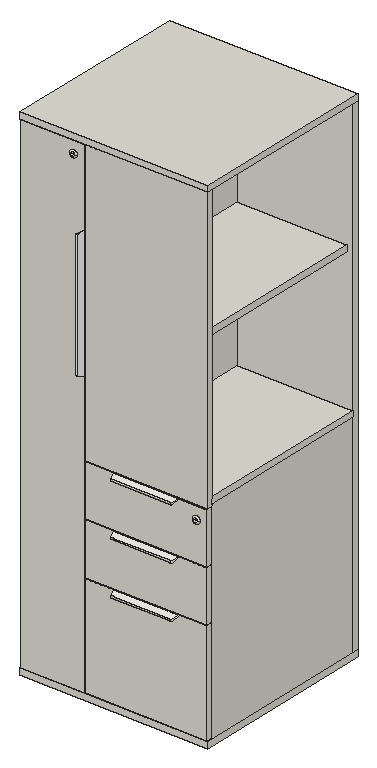
Revit family "Haworth_BeHold_PersonalStorageTower_SideBookcase_24Wide", category Furniture Systems, Revit 2018
Family settings
  Round Connector Dimension = Use Diameter
  Part Type = Normal
  OmniClass Number = 23.40.70.14.64.21
  OmniClass Title = Systems Furniture
  Work Plane-Based = No
  Always vertical = Yes
  Cut with Voids When Loaded = No
  Shared = No
  Room Calculation Point = No
Parameters (values of type "B/B/F - 24d 65h - Inset Back")
  With Lock = yes
  Wing Pull Length = if(Drawer Width < 15 1/2", 6 1/2", if(Drawer Width < 24", 8 5/16", if(Drawer Width < 36", 13 1/8", 16 3/4")))  # 8 5/16"
  Wing Pull = yes
  Warranty = "http://www.haworth.com/resources/product-info/warranties"
  Valet Door Wing Pull Length = if(Actual Height < 49", 6 1/2", if(Actual Height < 57", 8 5/16", if(Actual Height < 65", 13 1/8", 16 3/4")))  # 16 3/4"
  Valet Door Width = Actual Width - Bookcase Width - 1/8"  # 8 15/64"
  Valet Door Pull Offset = if(Actual Height < 49", Storage Height - Bottom Drawer Offset + ((Actual Height - Storage Height - Top Thickness - 1/8") / 2) - (0.05 * (Actual Height - Storage Height - Top Thickness - 1/8")), Storage Height - Bottom Drawer Offset + ((Actual Height - Storage Height - Top Thickness - 1/8") / 2))  # 44 11/16"
  Valet Door Height = Actual Height - Bottom Drawer Offset - Case Thickness - 1/8"  # 62 3/4"
  URL - Product = "https://www.haworth.com/na/en/products/active-storage/be-hold.html"
  URL = "www.haworth.com"
  Trim Finish [instance] = Haworth _ Paint _ Smooth Plaster
  Total Drawer Height = Storage Height - Bottom Case Offset - Case Thickness - 1/4"  # 26 1/2"
  Top Thickness = 3/4"  # constant formula
  Top Drawer Height = if(Box Box File, Middle Drawer Height, Bottom Drawer Height)  # 6 9/16"
  Top Case Back Control = if(Proud Style, 0", 0")  # 0"
  Sustainability Info = "https://www.haworth.com/company-info/sustainability"
  Storage Height = 28"  # constant formula
  Standard Heights = "41, 49, 57, 65 in."  # constant formula
  Size = "Verify Final Dim. w/ Haworth"  # constant formula
  Side Case Back Control = if(Proud Style, Case Thickness, 0")  # 0"
  Shelf 2 Offset = ((Actual Height - Storage Height) / 2) + Storage Height  # 46 1/2"
  Shelf 2 Control = Actual Height > 41"  # yes
  Shelf 1 Offset = 29" - Bottom Case Offset - Case Thickness  # 27 3/4"
  Revision Number = "1"  # constant formula
  Pull Finish [instance] = Haworth _ Paint _ Smooth Plaster
  Proud Style = not(Inset Style)  # no
  Model = "Haworth Be_Hold"  # constant formula
  Min. Width = 15"  # constant formula
  Min. Height = 41"  # constant formula
  Min. Depth = 18"  # constant formula
  Middle Drawer Height = (Total Drawer Height - Distance Between Drawer) / 4  # 6 9/16"
  Left Panel Finish [instance] = Haworth _ Laminate _ Beige H-34
  Left Panel Edge Finish [instance] = Haworth _ Laminate _ Beige H-34
  Height = 65"
  File File = no
  Door Finish [instance] = Haworth _ Laminate _ Beige H-34
  Bottom Drawer Offset = Bottom Case Offset + Case Thickness + 1/8"  # 1 3/8"
  Bottom Drawer Height = (Total Drawer Height - Distance Between Drawer) / 2  # 13 1/8"
  Bookcase Width = 15 41/64"  # constant formula
  Back Case Back Control = if(Proud Style, 0", 0")  # 0"
  Actual Height = if(Height > Max. Height, Max. Height, if(Height < Min. Height, Min. Height, Height))  # 65"
  3 Drawer Control = Box Box File  # yes
  Max. Width = 15"  # constant formula
  Max. Depth = 24"  # constant formula
  Max. Height = 65"  # constant formula
  Manufacturer = "Haworth"  # constant formula
  Linear Pull Length = 7 1/2"  # constant formula
  Linear Pull = no
  Inset Style = yes
  Glide Finish = Haworth _ Polymer _ Slate
  Front Finish [instance] = Haworth _ Laminate _ Beige H-34
  Front Edge Finish [instance] = Haworth _ Laminate _ Beige H-34
  Drawer Width = Bookcase Width - 1/8"  # 15 33/64"
  Distance Between Drawer = if(Box Box File, 1/4", 1/8")  # 1/4"
  Description = "Haworth - Be_Hold - Personal Storage Tower - Side Bookcase"  # constant formula
  Depth = 24"
  Custom Size = not(and(or(Depth = 18", Depth = 24"), or(Height = 41", Height = 49", Height = 57", Height = 65")))  # no
  Cresent Pull = no
  Classic Pull Length = 7 1/2"  # constant formula
  Classic Pull = no
  Case Thickness = 3/4"  # constant formula
  Case Finish [instance] = Haworth _ Laminate _ Beige H-34
  Case Edge Finish [instance] = Haworth _ Laminate _ Beige H-34
  Box Box File = not(File File)  # yes
  Bottom Case Offset = 1/2"  # constant formula
  Blade Pull Length = Drawer Width - 1/16"  # 15 29/64"
  Blade Pull = not(or(Cresent Pull, Linear Pull, Classic Pull, Wing Pull))  # no
  Back Case Side Control = if(Proud Style, 0", Case Thickness)  # 3/4"
  Author = "Haworth (Alias)"  # constant formula
  Assembly Code = "E2020200"
  Actual Width = 24"  # constant formula
  Actual Depth = if(Depth > Max. Depth, Max. Depth, if(Depth < Min. Depth, Min. Depth, Depth))  # 24"
  Standard Depths = "18, 24 in."  # constant formula
Types (8): name | Valet Door Wing Pull Length | Valet Door Pull Offset | Valet Door Height | Top Drawer Height | Side Case Back Control | Shelf 2 Offset | Shelf 2 Control | Proud Style | Middle Drawer Height | Height | File File | Bottom Drawer Height | Actual Height | 3 Drawer Control | Inset Style | Distance Between Drawer | Depth | Box Box File | Back Case Side Control | Actual Depth
  B/B/F - 24d 65h - Inset Back | 16 3/4" | 44 11/16" | 62 3/4" | 6 9/16" | 0" | 46 1/2" | yes | no | 6 9/16" | 65" | no | 13 1/8" | 65" | yes | yes | 1/4" | 24" | yes | 3/4" | 24"
  B/B/F - 24d 57h - Inset Back | 13 1/8" | 40 11/16" | 54 3/4" | 6 9/16" | 0" | 42 1/2" | yes | no | 6 9/16" | 57" | no | 13 1/8" | 57" | yes | yes | 1/4" | 24" | yes | 3/4" | 24"
  B/B/F - 18d 49h - Inset Back | 8 5/16" | 36 11/16" | 46 3/4" | 6 9/16" | 0" | 38 1/2" | yes | no | 6 9/16" | 49" | no | 13 1/8" | 49" | yes | yes | 1/4" | 18" | yes | 3/4" | 18"
  B/B/F - 18d 41h - Inset Back | 6 1/2" | 32.08125" | 38 3/4" | 6 9/16" | 0" | 34 1/2" | no | no | 6 9/16" | 41" | no | 13 1/8" | 41" | yes | yes | 1/4" | 18" | yes | 3/4" | 18"
  F/F - 24d 65h - Proud Back | 16 3/4" | 44 11/16" | 62 3/4" | 13 3/16" | 3/4" | 46 1/2" | yes | yes | 6 19/32" | 65" | yes | 13 3/16" | 65" | no | no | 1/8" | 24" | no | 0" | 24"
  F/F - 24d 57h - Proud Back | 13 1/8" | 40 11/16" | 54 3/4" | 13 3/16" | 3/4" | 42 1/2" | yes | yes | 6 19/32" | 57" | yes | 13 3/16" | 57" | no | no | 1/8" | 24" | no | 0" | 24"
  F/F - 18d 49h - Proud Back | 8 5/16" | 36 11/16" | 46 3/4" | 13 3/16" | 3/4" | 38 1/2" | yes | yes | 6 19/32" | 49" | yes | 13 3/16" | 49" | no | no | 1/8" | 18" | no | 0" | 18"
  F/F - 18d 41h - Proud Back | 6 1/2" | 32.08125" | 38 3/4" | 13 3/16" | 3/4" | 34 1/2" | no | yes | 6 19/32" | 41" | yes | 13 3/16" | 41" | no | no | 1/8" | 18" | no | 0" | 18"
Reference planes (in)
  plane 1: z = 0
  plane 2 "Bookcase Center L/R": x = -6.49587
  plane 3 "Center F/B": y = -14.5
  plane 4 "Top": z = 65
  plane 5 "Back": y = -2.5
  plane 6 "Front": y = -26.5
  plane 7 "Drawer Left": x = -14.31618
  plane 8 "Drawer Case Inside Left": x = -13.56618
  plane 9 "Case Inside Right": x = 0.57444
  plane 10 "Case Inside Back": y = -3.25
  plane 11 "Case Bottom": z = 0.5
  plane 12 "Case Inside Front": y = -25.75
  plane 13 "Inside Case Bottom": z = 1.25
  plane 14 "Inside Case Top": z = 64.25
  plane 15 "Top of Top Drawer": z = 27.875
  plane 16 "Bottom of Bottom Drawer": z = 1.375
  plane 17 "Right": x = 1.32444
  plane 18 "Top of Storage": z = 28
  plane 19 "Shelf 1 Top": z = 29
  plane 20 "Shelf 1 Bottom": z = 28.25
  plane 21 "Shelf 2 Top": z = 47.75
  plane 22 "Shelf 2 Bottom": z = 47
  plane 23 "Left": x = -22.67556
  plane 24 "Center L/R": x = -10.67556
  plane 25 "Valet Center L/R": x = -18.49587
  plane 26 "Case Inside Left": x = -21.92556
Forms (in)
  Sweep 1, solid, material "Haworth _ Polymer _ Slate" <- "Glide Finish"
    path origin (-21.92556, 0, 0) x (0, 1, 0) y (0, 0, 1)
      loop
        line (-25.75, 0.5) -> (-25.75, 0)
    profile origin (-21.92556, -25.75, 0.25) x (1, 0, 0) y (0, 1, 0)
      loop
        line (-0.64063, 2.00197) -> (-0.64063, 0.25)
        arc (-0.64063, 0.25) -> (-0.5674, 0.07322) -> (-0.39063, 0) r 0.25
        line (-0.39063, 0) -> (1.36134, 0)
        arc (1.36134, 0) -> (1.53812, 0.07322) -> (1.61134, 0.25) r 0.25
        line (1.61134, 0.25) -> (1.61134, 0.70079) -> (0.06017, 2.25197) -> (-0.39063, 2.25197)
        arc (-0.39063, 2.25197) -> (-0.5674, 2.17875) -> (-0.64063, 2.00197) r 0.25
  Sweep 2, solid, material "Haworth _ Polymer _ Slate" <- "Glide Finish"
    path origin (-21.92556, 0, 0) x (0, 1, 0) y (0, 0, 1)
      loop
        line (-3.25, 0.5) -> (-3.25, 0)
    profile origin (-21.92556, -3.25, 0.25) x (1, 0, 0) y (0, 1, 0)
      loop
        arc (-0.64063, -2.00197) -> (-0.5674, -2.17875) -> (-0.39063, -2.25197) r 0.25
        line (-0.39063, -2.25197) -> (0.06017, -2.25197) -> (1.61134, -0.70079) -> (1.61134, -0.25)
        arc (1.61134, -0.25) -> (1.53812, -0.07322) -> (1.36134, 0) r 0.25
        line (1.36134, 0) -> (-0.39063, 0)
        arc (-0.39063, 0) -> (-0.5674, -0.07322) -> (-0.64063, -0.25) r 0.25
        line (-0.64063, -0.25) -> (-0.64063, -2.00197)
  Sweep 3, solid, material "Haworth _ Polymer _ Slate" <- "Glide Finish"
    path origin (0.57444, 0, 0) x (0, -1, 0) y (0, 0, 1)
      loop
        line (25.75, 0.5) -> (25.75, 0)
    profile origin (0.57444, -25.75, 0.25) x (-1, 0, 0) y (0, -1, 0)
      loop
        arc (0, -2.00197) -> (0.07322, -2.17875) -> (0.25, -2.25197) r 0.25
        line (0.25, -2.25197) -> (0.70079, -2.25197) -> (2.25197, -0.70079) -> (2.25197, -0.25)
        arc (2.25197, -0.25) -> (2.17875, -0.07322) -> (2.00197, 0) r 0.25
        line (2.00197, 0) -> (0.25, 0)
        arc (0.25, 0) -> (0.07322, -0.07322) -> (0, -0.25) r 0.25
        line (0, -0.25) -> (0, -2.00197)
  Sweep 4, solid, material "Haworth _ Polymer _ Slate" <- "Glide Finish"
    path origin (0.57444, 0, 0) x (0, -1, 0) y (0, 0, 1)
      loop
        line (3.25, 0.5) -> (3.25, 0)
    profile origin (0.57444, -3.25, 0.25) x (-1, 0, 0) y (0, -1, 0)
      loop
        line (0, 2.00197) -> (0, 0.25)
        arc (0, 0.25) -> (0.07322, 0.07322) -> (0.25, 0) r 0.25
        line (0.25, 0) -> (2.00197, 0)
        arc (2.00197, 0) -> (2.17875, 0.07322) -> (2.25197, 0.25) r 0.25
        line (2.25197, 0.25) -> (2.25197, 0.70079) -> (0.70079, 2.25197) -> (0.25, 2.25197)
        arc (0.25, 2.25197) -> (0.07322, 2.17875) -> (0, 2.00197) r 0.25
  Extrusion 5, solid, material "Haworth _ Laminate _ Beige H-34" <- "Case Finish"
    sketch origin (0, 0, 0) x (1, 0, 0) y (0, 1, 0)
      loop
        line (-22.67556, -2.5) -> (-22.67556, -26.5) -> (1.32444, -26.5) -> (1.32444, -2.5) -> (-22.67556, -2.5)
    from 0.5 to 1.25
  Sweep 6, solid, material "Haworth _ Laminate _ Beige H-34" <- "Case Finish"
    path origin (0, 0, 0.5) x (0, -1, 0) y (1, 0, 0)
      loop
        line (26.5, -14.31618) -> (26.5, -13.56618)
    profile origin (-13.94118, -26.5, 0.5) x (0, 1, 0) y (0, 0, 1)
      loop
        line (0.75, 63.75) -> (0.75, 0.75) -> (23.25, 0.75) -> (23.25, 63.75) -> (0.75, 63.75)
  Sweep 7, solid, material "Haworth _ Laminate _ Beige H-34" <- "Case Finish"
    path origin (-12.35111, 0, 0.5) x (0, -1, 0) y (-1, 0, 0)
      loop
        line (26.5, -13.67556) -> (26.5, -12.92556)
    profile origin (0.94944, -26.5, 0.5) x (0, -1, 0) y (0, 0, 1)
      loop
        line (-0.75, 27.75) -> (-23.25, 27.75) -> (-23.25, 0.75) -> (-0.75, 0.75) -> (-0.75, 27.75)
  Sweep 8, solid, material "Haworth _ Laminate _ Beige H-34" <- "Case Finish"
    path origin (0, 0, 0.5) x (0, -1, 0) y (1, 0, 0)
      loop
        line (3.25, -10.67556) -> (2.5, -10.67556)
    profile origin (-10.67556, -2.875, 0.5) x (-1, 0, 0) y (0, 0, 1)
      loop
        line (-12, 0.75) -> (11.25, 0.75) -> (11.25, 63.75) -> (-12, 63.75) -> (-12, 0.75)
  Extrusion 9, solid, material "Haworth _ Laminate _ Beige H-34" <- "Case Finish"
    sketch origin (0, 0, 0.5) x (0, -1, 0) y (1, 0, 0)
      loop
        line (2.5, -22.67556) -> (26.5, -22.67556) -> (26.5, 1.32444) -> (2.5, 1.32444) -> (2.5, -22.67556)
    from 63.75 to 64.5
  Extrusion 10, solid, material "Haworth _ Laminate _ Beige H-34" <- "Case Finish"
    sketch origin (0, 0, 0) x (1, 0, 0) y (0, 1, 0)
      loop
        line (-13.56618, -3.25) -> (-13.56618, -25.75) -> (1.32444, -25.75) -> (1.32444, -3.25) -> (-13.56618, -3.25)
    from 28.25 to 29
  Extrusion 11, solid, material "Haworth _ Laminate _ Beige H-34" <- "Case Finish", visible <- "Shelf 2 Control"
    sketch origin (0, 0, 0) x (1, 0, 0) y (0, 1, 0)
      loop
        line (-13.56618, -3.25) -> (-13.56618, -25.75) -> (0.57444, -25.75) -> (0.57444, -3.25) -> (-13.56618, -3.25)
    from 47 to 47.75
  Extrusion 12, solid, material "Haworth _ Laminate _ Beige H-34" <- "Front Finish"
    sketch origin (0, 0, 0) x (1, 0, 0) y (0, 1, 0)
      loop
        line (-14.31618, -25.75) -> (-14.31618, -26.5) -> (1.32444, -26.5) -> (1.32444, -25.75) -> (-14.31618, -25.75)
    from 28 to 64.25
  Sweep 13, solid, material "Haworth _ Laminate _ Beige H-34" <- "Left Panel Finish"
    path origin (-9, 0, 0.5) x (0, -1, 0) y (1, 0, 0)
      loop
        line (26.5, -13.67556) -> (26.5, -12.92556)
    profile origin (-22.30056, -26.5, 0.5) x (0, 1, 0) y (0, 0, 1)
      loop
        line (0.75, 63.75) -> (0.75, 0.75) -> (24, 0.75) -> (24, 63.75) -> (0.75, 63.75)
Lines and regions (in)
  Masking region 1
    outline origin (0, 0, 64.25) x (0, -1, 0) y (1, 0, 0)
      loop
        line (2.5, -22.67556) -> (26.5, -22.67556) -> (26.5, 1.32444) -> (2.5, 1.32444) -> (2.5, -22.67556)
  symbolic lines, style "FurnitureSystemsHiddenLines", detail levels medium+fine
    curve 1: line (-22.67556, -25.75, 64.25) -> (1.32444, -25.75, 64.25)
  symbolic lines, detail levels medium+fine
    curve 2: line (2.32444, -14.5, 0) -> (9.82444, -14.5, 0)
    curve 3: line (9.82444, -14.5, 0) -> (8.41023, -13.08579, 0)
    curve 4: line (9.82444, -14.5, 0) -> (8.41023, -15.91421, 0)
Dimensions and locks (in)
  equal spacing: plane 5 "Back", plane 3 "Center F/B", plane 6 "Front"
  "Actual Depth": plane 5 "Back" to plane 6 "Front"
  "Case Thickness": plane 8 "Drawer Case Inside Left" to plane 7 "Drawer Left"
  "Bottom Case Offset": plane 11 "Case Bottom" to plane 1
  "Case Thickness": plane 10 "Case Inside Back" to plane 5 "Back"
  "Case Thickness": plane 6 "Front" to plane 12 "Case Inside Front"
  locked: Sweep 1 sketch curve to plane 11 "Case Bottom" at 0.5
  locked: Sweep 2 sketch curve to plane 11 "Case Bottom" at 0.5
  locked: Sweep 4 sketch curve to plane 11 "Case Bottom" at 0.5
  locked: Sweep 3 sketch curve to plane 11 "Case Bottom" at 0.5
  "Case Thickness": plane 13 "Inside Case Bottom" to plane 11 "Case Bottom"
  "Top Thickness": plane 4 "Top" to plane 14 "Inside Case Top"
  locked: plane 16 "Bottom of Bottom Drawer" to plane 13 "Inside Case Bottom" at 0.125
  locked: nested 2 to nested 1 at 0.125
  "Case Thickness": Sweep 8 sketch curve to Sweep 8 sketch curve
  "Back Case Back Control": plane 5 "Back" to Sweep 8 sketch curve
  equal spacing: plane 7 "Drawer Left", plane 2 "Bookcase Center L/R", plane 17 "Right"
  "Bookcase Width": plane 7 "Drawer Left" to plane 17 "Right"
  "Case Thickness": plane 9 "Case Inside Right" to plane 17 "Right"
  locked: plane 18 "Top of Storage" to plane 15 "Top of Top Drawer" at 0.125
  "Storage Height": plane 18 "Top of Storage" to plane 1
  "Actual Height": plane 4 "Top" to plane 1
  "Case Thickness": plane 22 "Shelf 2 Bottom" to plane 21 "Shelf 2 Top"
  "Case Thickness": plane 20 "Shelf 1 Bottom" to plane 19 "Shelf 1 Top"
  "Shelf 2 Offset": plane 21 "Shelf 2 Top" to plane 13 "Inside Case Bottom"
  "Shelf 1 Offset": plane 19 "Shelf 1 Top" to plane 13 "Inside Case Bottom"
  "Top Case Back Control": Extrusion 10 sketch curve to plane 10 "Case Inside Back"
  "Top Case Back Control": Extrusion 11 sketch curve to plane 10 "Case Inside Back"
  "Actual Width": plane 23 "Left" to plane 17 "Right"
  equal spacing: plane 23 "Left", plane 25 "Valet Center L/R", plane 7 "Drawer Left"
  "Case Thickness": plane 26 "Case Inside Left" to plane 23 "Left"
  "Back Case Back Control": Sweep 6 sketch curve to plane 10 "Case Inside Back"
  "Side Case Back Control": Sweep 13 sketch curve to plane 5 "Back"
  "Back Case Side Control": plane 23 "Left" to Sweep 8 sketch curve
  equal spacing: plane 23 "Left", plane 24 "Center L/R", plane 17 "Right"
  aligned and locked: Sweep 1 sketch curve to plane 12 "Case Inside Front"
  aligned and locked: plane 11 "Case Bottom" to Sweep 1 sketch curve
  aligned and locked: plane 10 "Case Inside Back" to Sweep 2 sketch curve
  aligned and locked: plane 11 "Case Bottom" to Sweep 2 sketch curve
  aligned and locked: plane 10 "Case Inside Back" to Sweep 4 sketch curve
  aligned and locked: plane 11 "Case Bottom" to Sweep 4 sketch curve
  aligned and locked: Sweep 3 sketch curve to plane 12 "Case Inside Front"
  aligned and locked: plane 11 "Case Bottom" to Sweep 3 sketch curve
  aligned and locked: Extrusion 5 sketch curve to plane 5 "Back"
  aligned and locked: plane 6 "Front" to Extrusion 5 sketch curve
  aligned and locked: plane 11 "Case Bottom" to Extrusion 5
  aligned and locked: plane 13 "Inside Case Bottom" to Extrusion 5
  aligned and locked: plane 7 "Drawer Left" to Sweep 6 sketch curve
  aligned and locked: plane 8 "Drawer Case Inside Left" to Sweep 6 sketch curve
  aligned and locked: Sweep 6 sketch curve to plane 6 "Front"
  aligned and locked: plane 13 "Inside Case Bottom" to Sweep 6 sketch curve
  aligned and locked: plane 6 "Front" to Sweep 7 sketch curve
  aligned and locked: plane 9 "Case Inside Right" to Sweep 7 sketch curve
  aligned and locked: plane 13 "Inside Case Bottom" to Sweep 7 sketch curve
  aligned and locked: Sweep 8 sketch curve to plane 13 "Inside Case Bottom"
  aligned and locked: plane 4 "Top" to Extrusion 9
  aligned and locked: plane 14 "Inside Case Top" to Extrusion 9
  aligned and locked: Masking region 1 sketch curve to plane 5 "Back"
  aligned and locked: plane 6 "Front" to Masking region 1 sketch curve
  aligned and locked: curve 1 to plane 12 "Case Inside Front"
  aligned and locked: plane 12 "Case Inside Front" to Sweep 7 sketch curve
  aligned and locked: plane 12 "Case Inside Front" to Sweep 6 sketch curve
  aligned and locked: nested 3 to plane 15 "Top of Top Drawer"
  aligned and locked: plane 6 "Front" to nested 1
  aligned and locked: plane 6 "Front" to nested 2
  aligned and locked: plane 6 "Front" to nested 3
  aligned and locked: plane 2 "Bookcase Center L/R" to nested 3
  aligned and locked: plane 2 "Bookcase Center L/R" to nested 2
  aligned and locked: plane 2 "Bookcase Center L/R" to nested 1
  aligned and locked: plane 17 "Right" to Sweep 7 sketch curve
  aligned and locked: plane 6 "Front" to Extrusion 9 sketch curve
  aligned and locked: plane 17 "Right" to Extrusion 9 sketch curve
  aligned and locked: Extrusion 9 sketch curve to plane 5 "Back"
  aligned and locked: plane 14 "Inside Case Top" to Sweep 8 sketch curve
  aligned and locked: plane 12 "Case Inside Front" to Extrusion 10 sketch curve
  aligned and locked: plane 20 "Shelf 1 Bottom" to Extrusion 10
  aligned and locked: plane 19 "Shelf 1 Top" to Extrusion 10
  aligned and locked: plane 9 "Case Inside Right" to Extrusion 11 sketch curve
  aligned and locked: plane 8 "Drawer Case Inside Left" to Extrusion 11 sketch curve
  aligned and locked: plane 12 "Case Inside Front" to Extrusion 11 sketch curve
  aligned and locked: plane 21 "Shelf 2 Top" to Extrusion 11
  aligned and locked: plane 22 "Shelf 2 Bottom" to Extrusion 11
  aligned and locked: plane 6 "Front" to Extrusion 12 sketch curve
  aligned and locked: Extrusion 12 sketch curve to plane 12 "Case Inside Front"
  aligned and locked: plane 17 "Right" to Extrusion 12 sketch curve
  aligned and locked: plane 7 "Drawer Left" to Extrusion 12 sketch curve
  aligned and locked: Extrusion 12 to plane 18 "Top of Storage"
  aligned and locked: Extrusion 12 to plane 14 "Inside Case Top"
  aligned and locked: plane 17 "Right" to Extrusion 5 sketch curve
  aligned and locked: plane 17 "Right" to Masking region 1 sketch curve
  aligned and locked: plane 17 "Right" to Extrusion 10 sketch curve
  aligned and locked: plane 8 "Drawer Case Inside Left" to Extrusion 10 sketch curve
  aligned and locked: plane 14 "Inside Case Top" to Sweep 6 sketch curve
  aligned and locked: plane 20 "Shelf 1 Bottom" to Sweep 7 sketch curve
  aligned and locked: Masking region 1 sketch curve to plane 23 "Left"
  aligned and locked: Extrusion 9 sketch curve to plane 23 "Left"
  aligned and locked: Extrusion 5 sketch curve to plane 23 "Left"
  aligned and locked: plane 23 "Left" to Sweep 13 sketch curve
  aligned and locked: plane 26 "Case Inside Left" to Sweep 13 sketch curve
  aligned and locked: Sweep 13 sketch curve to plane 6 "Front"
  aligned and locked: plane 13 "Inside Case Bottom" to Sweep 13 sketch curve
  aligned and locked: plane 12 "Case Inside Front" to Sweep 13 sketch curve
  aligned and locked: plane 14 "Inside Case Top" to Sweep 13 sketch curve
  aligned and locked: Sweep 8 sketch curve to plane 24 "Center L/R"
  aligned and locked: plane 6 "Front" to nested 4
  aligned and locked: plane 16 "Bottom of Bottom Drawer" to nested 4
  aligned and locked: nested 4 to plane 25 "Valet Center L/R"
  aligned and locked: plane 10 "Case Inside Back" to Sweep 7 sketch curve
  aligned and locked: Sweep 8 sketch curve to plane 17 "Right"
Automatic sketch dimensions
  Sweep 1 sketch curve to plane 8 "Drawer Case Inside Left" = 9"
  profile plane to Sweep 1 sketch curve = 0"
  Sweep 1 sketch curve to Sweep 1 sketch curve = 1/4"  (x2)
  Sweep 1 sketch curve to Sweep 1 sketch curve = 0.45079"  (x2)
  Sweep 1 sketch curve to profile plane = 1/4"
  Sweep 1 sketch curve to Sweep 1 sketch curve = 1.75197"  (x2)
  Sweep 2 sketch curve to plane 8 "Drawer Case Inside Left" = 9"
  profile plane to Sweep 2 sketch curve = 0"
  Sweep 2 sketch curve to Sweep 2 sketch curve = 1/4"  (x2)
  Sweep 2 sketch curve to Sweep 2 sketch curve = 0.45079"  (x2)
  profile plane to Sweep 2 sketch curve = 1/4"
  Sweep 2 sketch curve to Sweep 2 sketch curve = 1.75197"  (x2)
  Sweep 3 sketch curve to plane 9 "Case Inside Right" = 0"
  Sweep 3 sketch curve to profile plane = 0"
  plane 9 "Case Inside Right" to Sweep 3 sketch curve = 1/4"  (x2)
  Sweep 3 sketch curve to Sweep 3 sketch curve = 0.45079"  (x2)
  profile plane to Sweep 3 sketch curve = 1/4"
  Sweep 3 sketch curve to Sweep 3 sketch curve = 1.75197"  (x2)
  Sweep 4 sketch curve to plane 9 "Case Inside Right" = 0"
  Sweep 4 sketch curve to profile plane = 0"
  plane 9 "Case Inside Right" to Sweep 4 sketch curve = 1/4"  (x2)
  Sweep 4 sketch curve to Sweep 4 sketch curve = 0.45079"  (x2)
  Sweep 4 sketch curve to profile plane = 1/4"
  Sweep 4 sketch curve to Sweep 4 sketch curve = 1.75197"  (x2)
  curve 1 to plane 23 "Left" = 0"
  curve 1 to plane 17 "Right" = 0"
  plane 3 "Center F/B" to curve 4 = 0"
  curve 3 to curve 2 = 1.41421"
  plane 3 "Center F/B" to curve 4 = 1.41421"
  curve 4 to curve 2 = 1.41421"
  curve 2 to plane 17 "Right" = 1"
  curve 2 to curve 4 = 7 1/2"
Nested families (in)
  nested 1: "Haworth_BeHold_Drawer_PART" at (-6.49587, -25.36287, 1.375), Drawer Height <- "Bottom Drawer Height", built-in parameter 1001364 <- "Bottom Drawer Offset", type "Haworth_Drawer - Without Lock"
    with Pull Height 13 1/8", Drawer Height 13 1/8", With Lock no, Wing Pull Length 8 5/16", Drawer Width 15 33/64", Classic Pull Length 7 1/2", Blade Pull Length 15 29/64", Linear Pull Length 7 1/2"
  nested 2: "Haworth_BeHold_Drawer_PART" at (-6.49587, -25.36287, 14.625), Drawer Height <- "Middle Drawer Height", visible <- "3 Drawer Control", type "Haworth_Drawer - Without Lock"
    with Pull Height 6 9/16", Drawer Height 6 9/16", With Lock no, Wing Pull Length 8 5/16", Drawer Width 15 33/64", Classic Pull Length 7 1/2", Blade Pull Length 15 29/64", Linear Pull Length 7 1/2"
  nested 3: "Haworth_BeHold_Drawer_PART" at (-6.49587, -25.36287, 21.3125), Drawer Height <- "Top Drawer Height", type "Haworth_Drawer"
    with Pull Height 6 9/16", Drawer Height 6 9/16", Wing Pull Length 8 5/16", Drawer Width 15 33/64", Classic Pull Length 7 1/2", Blade Pull Length 15 29/64", Linear Pull Length 7 1/2"
  nested 4: "Haworth_BeHold_Door_Hinged_PART" at (-17.31567, -26.09476, 1.375) x (-1, 0, 0) z (0, 0, 1), With Lock <- "With Lock", type "Door"
    with With Lock yes, Wing Pull Length 16 3/4", Linear Pull Length 7 1/2", Classic Pull Length 7 1/2", Pull Height Centerline 44 11/16", Door Width 8 15/64", Door Height 62 3/4"
Definition of nested family "Haworth_BeHold_Drawer_PART"
  Parameters (values of type "Haworth_Drawer")
    With Lock = yes
    Wing Pull Length = 6 1/2"
    Wing Pull = yes
    Warranty = "http://www.haworth.com/resources/product-info/warranties"
    URL - Product = ""
    URL = "www.haworth.com"
    Trim Finish = none
    Revision Number = "1"  # constant formula
    Pull Height [instance] = if(or(Wing Pull, Blade Pull), Drawer Height, Drawer Height - 1 21/32")  # 12"
    Pull Finish = none
    Note = "Verify Final Dim. w/ Haworth"  # constant formula
    Model = "Haworth Be_Hold"  # constant formula
    Manufacturer = "Haworth"  # constant formula
    Lock Offset Top = 1 21/32"  # constant formula
    Lock Offset Side = 1 3/8"  # constant formula
    Linear Pull = no
    Front Finish = none
    Front Edge Finish = none
    Drawer Width = 15 1/2"
    Drawer Height [instance] = 12"
    Description = "Haworth - Be_Hold - Drawer"
    Cresent Pull = no
    Classic Pull Length = 6 3/4"
    Classic Pull = no
    Blade Pull Length = 15 7/16"
    Blade Pull = no
    Linear Pull Length = 8"
    Author = "Haworth (Alias)"  # constant formula
    Assembly Code = ""
  Reference planes (in)
    plane 1 "Drawer Back": y = -0.26213
    plane 2: z = 0
    plane 3 "Center L/R": x = 0
    plane 4 "Drawer Front": y = -1.13713
    plane 5 "Left": x = -7.75
    plane 6 "Right": x = 7.75
    plane 7 "Top": z = 12
    plane 8 "Hardware Start": y = -0.38713
    plane 9 "Lock Side": x = 6.375
    plane 10 "Lock Horizontal": z = 10.34375
  Forms (in)
    Extrusion 1, solid, material <- "Front Finish"
      sketch origin (0, -1.13713, 0) x (-1, 0, 0) y (0, 0, 1)
        loop
          line (-7.75, 12) -> (-7.75, 0) -> (7.75, 0) -> (7.75, 12) -> (-7.75, 12)
      from 0 to 0.75
    Revolve 2, solid, material <- "Trim Finish", visible <- "With Lock"
      sketch origin (0, 0, 10.34375) x (-1, 0, 0) y (0, -1, 0)
        loop
          line (-6.375, 1.13713) -> (-6.375, 1.2621) -> (-6.68756, 1.2621)
          arc (-6.68756, 1.2621) -> (-6.77593, 1.2255) -> (-6.81253, 1.13713) r 0.12497
          line (-6.81253, 1.13713) -> (-6.375, 1.13713)
        axis (-6.375, 1.13713) -> (-6.375, 1.2621)
      angle from 0 to 360
  Lines and regions (in)
    Masking region 1
      outline origin (0, 0, 10.34375) x (-1, 0, 0) y (0, -1, 0)
        loop
          line (7.75, 0.38713) -> (7.75, 1.13713) -> (-7.75, 1.13713) -> (-7.75, 0.38713) -> (7.75, 0.38713)
  Dimensions and locks (in)
    equal spacing: plane 5 "Left", plane 3 "Center L/R", plane 6 "Right"
    "Drawer Width": plane 5 "Left" to plane 6 "Right"
    "Drawer Height": plane 7 "Top" to level
    locked: plane 1 "Drawer Back" to plane 8 "Hardware Start" at 0.125
    plane 4 "Drawer Front" to plane 1 "Drawer Back" = 7/8"
    plane 4 "Drawer Front" to plane 8 "Hardware Start" = 3/4"
    "Lock Offset Side": plane 9 "Lock Side" to plane 6 "Right"
    "Lock Offset Top": plane 7 "Top" to plane 10 "Lock Horizontal"
    locked: Revolve 2 sketch curve to plane 4 "Drawer Front" at 0.12497
    locked: plane 9 "Lock Side" to Revolve 2 sketch curve at 0.43753
    aligned and locked: Extrusion 1 sketch curve to plane 6 "Right"
    aligned and locked: plane 7 "Top" to Extrusion 1 sketch curve
    aligned and locked: Extrusion 1 sketch curve to plane 5 "Left"
    aligned and locked: Extrusion 1 sketch curve to plane 2
    aligned and locked: Extrusion 1 to plane 8 "Hardware Start"
    aligned and locked: Extrusion 1 to plane 4 "Drawer Front"
    aligned and locked: plane 9 "Lock Side" to Revolve 2 sketch curve  (x2)
    aligned and locked: Revolve 2 sketch curve to plane 4 "Drawer Front"
    aligned and locked: plane 3 "Center L/R" to nested 1
    aligned and locked: nested 1 to plane 4 "Drawer Front"
    aligned and locked: plane 6 "Right" to Masking region 1 sketch curve
    aligned and locked: plane 8 "Hardware Start" to Masking region 1 sketch curve
    aligned and locked: plane 4 "Drawer Front" to Masking region 1 sketch curve
    aligned and locked: plane 5 "Left" to Masking region 1 sketch curve
  Automatic sketch dimensions
    plane 8 "Hardware Start" to Revolve 2 sketch curve = 0.19925"
    Revolve 2 sketch curve to Revolve 2 sketch curve = 0.41501"
  Nested families (in)
    nested 1: "Haworth_Drawer-Pulls_PART" at (0, -1.13713, 12), built-in parameter 1001364 <- "Pull Height", type "Pull"
      with Wing yes, Linear no
  Definition of nested family "Haworth_Drawer-Pulls_PART"
    Parameters (values of type "Pull")
      Wing Pull Length = 6 1/2"
      Wing = no
      Warranty = "https://www.haworth.com/resources/product-info/warranties"
      URL = "https://www.haworth.com"
      Trim Finish = none
      Revision Number = "1"  # constant formula
      Model = "Haworth Be_Hold"  # constant formula
      Manufacturer = "Haworth"  # constant formula
      Linear Pull Length = 8"
      Linear = yes
      Description = "Haworth - Be_Hold - Pull Part"
      Cresent = no
      Classic Pull Length = 6 3/4"
      Classic = no
      Blade Pull Length = 15 7/16"
      Blade = no
      Author = "Haworth (Alias)"  # constant formula
      Assembly Code = ""
    Reference planes (in)
      plane 1 "Center Front/Back": y = 0
      plane 2: z = 0
      plane 3 "Center Left/Right": x = 0
      plane 4 "Classic Left": x = -3.375
      plane 5 "Classic Right": x = 3.375
      plane 6 "Linear Left": x = -4
      plane 7 "Linear Right": x = 4
      plane 8 "Wing Right": x = 3.25001
      plane 9 "Wing Left": x = -3.25001
      plane 10 "Blade Left": x = -7.71875
      plane 11 "Blade Right": x = 7.71875
    Forms (in)
      Extrusion 1, solid, material <- "Trim Finish", visible <- "Linear"
        sketch origin (0, 0, 0.125) x (1, 0, 0) y (0, 1, 0)
          loop
            line (-4, 0) -> (-4, -1.25) -> (4, -1.25) -> (4, 0) -> (3, 0) -> (3, -1) -> (-3, -1) -> (-3, 0) -> (-4, 0)
        from 0 to -0.25
      Extrusion 2, solid, material <- "Trim Finish", visible <- "Classic"
        sketch origin (0, 0, 0.375) x (1, 0, 0) y (0, 0, 1)
          loop
            line (-3.375, 0) -> (-3.375, -0.75)
            arc (-3.375, -0.75) -> (-3, -0.375) -> (-3.375, 0) r 0.375
        from 0 to 1
      Extrusion 3, solid, material <- "Trim Finish", visible <- "Classic"
        sketch origin (0, 0, 0.375) x (-1, 0, 0) y (0, 0, -1)
          loop
            arc (-3.375, 0.00132) -> (-3.00132, 0.375) -> (-3.375, 0.74868) r 0.37368
            line (-3.375, 0.74868) -> (-3.375, 0.00132)
        from 0 to 1
      Extrusion 4, solid, material <- "Trim Finish", visible <- "Classic"
        sketch origin (0, 0, 0.375) x (1, 0, 0) y (0, 0, 1)
          loop
            line (-3.375, 0) -> (-3.375, -0.75) -> (3.375, -0.75) -> (3.375, 0) -> (-3.375, 0)
        from 1 to 1.25
      Sweep 5, solid, material <- "Trim Finish", visible <- "Cresent"
        path origin (0, 0, 0) x (1, 0, 0) y (0, 1, 0)
          loop
            arc (-3.75002, 0) -> (-0.00002, -1.25) -> (3.74998, 0) r 6.25
        profile origin (-0.00002, -1.25, 0) x (0, 1, 0) y (0, 0, 1)
          loop
            circle (0.125, 0) r 0.125
      Sweep 6, solid, material <- "Trim Finish", visible <- "Wing"
        path origin (0, 0, 0) x (1, 0, 0) y (0, 1, 0)
          loop
            line (3.25001, 0) -> (-3.25001, 0)
        profile origin (0, 0, 0) x (0, -1, 0) y (0, 0, 1)
          loop
            line (0, -0.055) -> (0.7144, -0.45418)
            arc (0.7144, -0.45418) -> (0.85453, -0.40762) -> (0.79557, -0.27225) r 0.10001
            line (0.79557, -0.27225) -> (0, 0) -> (0, -0.055)
      Extrusion 7, void
        sketch origin (0, 0, 0) x (1, 0, 0) y (0, 1, 0)
          loop
            line (-3.25001, 0) -> (-3.25001, -0.92709) -> (-2.91255, -0.92709) -> (-3.25001, 0)
          loop
            line (3.25001, 0) -> (2.91255, -0.92709) -> (3.25001, -0.92709) -> (3.25001, 0)
        from -1 to 0.5
      Sweep 8, solid, material <- "Trim Finish", visible <- "Blade"
        path origin (0, 0, 0) x (1, 0, 0) y (0, 0, 1)
          loop
            line (0, 0) -> (0, 0.09375)
        profile origin (0, 0, 0.04687) x (-1, 0, 0) y (0, -1, 0)
          loop
            line (7.71875, -0.75) -> (7.71875, 0.40579)
            arc (7.71875, 0.40579) -> (7.682, 0.4945) -> (7.59329, 0.53125) r 0.12546
            line (7.59329, 0.53125) -> (-7.59361, 0.53125)
            arc (-7.59361, 0.53125) -> (-7.6821, 0.4946) -> (-7.71875, 0.40611) r 0.12514
            line (-7.71875, 0.40611) -> (-7.71875, -0.75) -> (7.71875, -0.75)
    Cuts and joins
      Extrusion 7 cuts Extrusion 4
      joined: Extrusion 2, Extrusion 3, Extrusion 4
      Extrusion 7 cuts Sweep 6
    Lines and regions (in)
      symbolic lines, detail levels fine
        curve 1: line (-4, 0, 0) -> (4, 0, 0)
    Dimensions and locks (in)
      equal spacing: plane 4 "Classic Left", plane 3 "Center Left/Right", plane 5 "Classic Right"
      "Classic Pull Length": plane 4 "Classic Left" to plane 5 "Classic Right"
      locked: Extrusion 1 sketch curve to Extrusion 1 sketch curve at 1  (x2)
      equal spacing: plane 6 "Linear Left", plane 3 "Center Left/Right", plane 7 "Linear Right"
      "Linear Pull Length": plane 6 "Linear Left" to plane 7 "Linear Right"
      locked: profile plane to Sweep 5 sketch curve at 0.125
      locked: plane 9 "Wing Left" to Extrusion 7 sketch curve at 0.33745
      locked: Extrusion 7 sketch curve to plane 1 "Center Front/Back" at 0.92709
      locked: plane 1 "Center Front/Back" to Extrusion 7 sketch curve at 0.92709
      Extrusion 7 sketch curve to plane 8 "Wing Right" = 0.33745"
      equal spacing: plane 11 "Blade Right", plane 3 "Center Left/Right", plane 10 "Blade Left"
      "Blade Pull Length": plane 11 "Blade Right" to plane 10 "Blade Left"
      locked: Sweep 8 sketch curve to plane 2 at 0.09375
      locked: Sweep 8 sketch curve to plane 1 "Center Front/Back" at 0.75
      locked: Sweep 8 sketch curve to plane 1 "Center Front/Back" at 0.53125
      equal spacing: plane 8 "Wing Right", plane 3 "Center Left/Right", plane 9 "Wing Left"
      "Wing Pull Length": plane 8 "Wing Right" to plane 9 "Wing Left"
      aligned and locked: plane 4 "Classic Left" to Extrusion 4 sketch curve
      aligned and locked: plane 5 "Classic Right" to Extrusion 4 sketch curve
      aligned and locked: plane 5 "Classic Right" to Extrusion 3 sketch curve
      aligned and locked: Extrusion 2 sketch curve to plane 4 "Classic Left"
      aligned and locked: Extrusion 1 sketch curve to plane 7 "Linear Right"
      aligned and locked: Extrusion 1 sketch curve to plane 6 "Linear Left"
      aligned and locked: plane 2 to Sweep 5 sketch curve
      aligned and locked: profile plane to plane 2
      aligned and locked: Sweep 6 sketch curve to plane 1 "Center Front/Back"
      aligned and locked: plane 8 "Wing Right" to Sweep 6 sketch curve
      aligned and locked: plane 9 "Wing Left" to Sweep 6 sketch curve
      aligned and locked: Extrusion 7 sketch curve to plane 9 "Wing Left"
      aligned and locked: Extrusion 7 sketch curve to plane 8 "Wing Right"
      aligned and locked: plane 2 to Sweep 8 sketch curve
      aligned and locked: Sweep 8 sketch curve to plane 10 "Blade Left"
      aligned and locked: Sweep 8 sketch curve to plane 11 "Blade Right"
      aligned and locked: plane 1 "Center Front/Back" to curve 1
      aligned and locked: plane 7 "Linear Right" to curve 1
      aligned and locked: plane 6 "Linear Left" to curve 1
    Automatic sketch dimensions
      Extrusion 2 sketch curve to level = 0"
      Extrusion 2 sketch curve to level = 3/8"
      Extrusion 3 sketch curve to level = 0"
      level to Extrusion 3 sketch curve = 0.37368"
      Extrusion 4 sketch curve to level = 3/8"
      level to Extrusion 4 sketch curve = 3/8"
      plane 1 "Center Front/Back" to Extrusion 1 sketch curve = 0"  (x2)
      plane 1 "Center Front/Back" to Extrusion 1 sketch curve = 1"
      Extrusion 1 sketch curve to Extrusion 1 sketch curve = 1/4"
      plane 1 "Center Front/Back" to Sweep 5 sketch curve = 0"  (x2)
      Sweep 5 sketch curve to plane 3 "Center Left/Right" = 0.00002"
      Sweep 5 sketch curve to plane 1 "Center Front/Back" = 5"
      Sweep 5 sketch curve to plane 6 "Linear Left" = 0.24998"
      Sweep 6 sketch curve to profile plane = 0"
      Sweep 6 sketch curve to profile plane = 0.7144"
      Sweep 6 sketch curve to Sweep 6 sketch curve = 0.04879"
      Sweep 6 sketch curve to Sweep 6 sketch curve = 0.03238"
      Sweep 6 sketch curve to level = 0.45418"
      Sweep 6 sketch curve to Sweep 6 sketch curve = 0.08731"
      Sweep 6 sketch curve to Sweep 6 sketch curve = 0.27225"
      Sweep 6 sketch curve to Sweep 6 sketch curve = 0.055"
      plane 1 "Center Front/Back" to Extrusion 7 sketch curve = 0"  (x2)
      Sweep 8 sketch curve to plane 3 "Center Left/Right" = 0"
      Sweep 8 sketch curve to Sweep 8 sketch curve = 0.12514"
      Sweep 8 sketch curve to Sweep 8 sketch curve = 0.12546"
      radius of Sweep 5 sketch curve = 1/8"
Definition of nested family "Haworth_BeHold_Door_Hinged_PART"
  Parameters (values of type "Door")
    With Lock [instance] = yes
    Wing Pull Length = 8.31"
    Wing Pull Act = and(Wing Pull, not(Touch Latch))  # yes
    Wing Pull = yes
    Warranty = "https://www.haworth.com/resources/product-info/warranties"
    URL - Product = ""
    URL = "www.haworth.com"
    Trim Finish = none
    Touch Latch = no
    Revision Number = "1"  # constant formula
    Pull Finish = none
    Note = "Verify Final Dim. w/ Haworth"  # constant formula
    Model = "Haworth Be_Hold"  # constant formula
    Lock Top Offset = 1.445"  # constant formula
    Lock Side Offset = 1 1/2"  # constant formula
    Linear Pull Length = 7.13"
    Linear Pull Act = and(Linear Pull, not(Touch Latch))  # no
    Linear Pull = no
    Front Finish = none
    Front Edge Finish = none
    Description = "Haworth - Be_Hold - Door Part"
    Crescent Pull Act = and(Crescent Pull, not(Touch Latch))  # no
    Crescent Pull = no
    Classic Pull Length = 8"
    Classic Pull = no
    Classic Pull Act = and(Classic Pull, not(Touch Latch))  # no
    Assembly Code = ""
    Pull Offset Centerline = if(Wing Pull Act, 0", 1 1/2")  # 0"
    Pull Height Centerline = 8.892"
    Door Width = 17.85"
    Door Height = 19.76"
    Door Depth = 3/4"
    Manufacturer = "Haworth"  # constant formula
    Author = "Haworth (Alias)"  # constant formula
  Reference planes (in)
    plane 1 "Center F/B": y = -0.03024
    plane 2: z = 0
    plane 3 "Center L/R": x = 1.1802
    plane 4 "Left": x = -7.7448
    plane 5 "Right": x = 10.1052
    plane 6 "Back": y = 0.34476
    plane 7 "Front": y = -0.40524
    plane 8 "Top": z = 19.76
    plane 9 "Pull Offset": x = -7.7448
    plane 10 "Pull Height": z = 8.892
    plane 11 "Lock Vertical": x = -6.2998
    plane 12 "Lock Horizontal": z = 18.315
    plane 13 "Swing Symbol": y = -3.40524
  Forms (in)
    Extrusion 1, solid, material <- "Front Finish"
      sketch origin (0, -0.03024, 0) x (1, 0, 0) y (0, 0, 1)
        loop
          line (-7.7448, 19.76) -> (-7.7448, 0) -> (10.1052, 0) -> (10.1052, 19.76) -> (-7.7448, 19.76)
      from -0.375 to 0.375
    Revolve 2, solid, material <- "Trim Finish", visible <- "With Lock"
      sketch origin (0, 0, 18.315) x (0, -1, 0) y (1, 0, 0)
        loop
          line (0.40524, -6.2998) -> (0.53025, -6.2998) -> (0.53025, -5.98733)
          arc (0.53025, -5.98733) -> (0.49364, -5.89891) -> (0.40524, -5.86227) r 0.12506
          line (0.40524, -5.86227) -> (0.40524, -6.2998)
        axis (0.40524, -6.2998) -> (0.53025, -6.2998)
      angle from 0 to 360
  Lines and regions (in)
    Masking region 1
      outline origin (0, 0, 0) x (1, 0, 0) y (0, 1, 0)
        loop
          line (-7.7448, 0.34476) -> (-7.7448, -0.40524) -> (10.1052, -0.40524) -> (10.1052, 0.34476) -> (-7.7448, 0.34476)
    symbolic lines, detail levels fine
      curve 1: line (-7.7448, -0.40524, 19.76) -> (10.1052, -0.40524, 9.88)
      curve 2: line (10.1052, -0.40524, 9.88) -> (-7.7448, -0.40524, 0)
    symbolic lines, not visible, detail levels fine
      curve 3: arc (-7.7448, -0.40524, 18.315) -> (-7.68121, -1.9106, 18.315) -> (-7.49089, -3.40524, 18.315) r 17.85
    symbolic lines, detail levels medium+fine
      curve 4: line (10.1052, -0.40524, 18.315) -> (-7.49089, -3.40524, 18.315)
  Dimensions and locks (in)
    "Door Height": plane 8 "Top" to level
    equal spacing: plane 6 "Back", plane 1 "Center F/B", plane 7 "Front"
    "Door Depth": plane 6 "Back" to plane 7 "Front"
    equal spacing: plane 4 "Left", plane 3 "Center L/R", plane 5 "Right"
    "Door Width": plane 4 "Left" to plane 5 "Right"
    "Pull Offset Centerline": plane 9 "Pull Offset" to plane 4 "Left"
    "Pull Height Centerline": plane 10 "Pull Height" to level
    equal spacing: plane 8 "Top", curve 2, plane 2
    "Lock Top Offset": plane 4 "Left" to plane 11 "Lock Vertical"
    locked: Revolve 2 sketch curve to plane 7 "Front" at 0.12502
    locked: plane 11 "Lock Vertical" to Revolve 2 sketch curve at 0.43753
    "Lock Top Offset": plane 8 "Top" to plane 12 "Lock Horizontal"
    locked: plane 13 "Swing Symbol" to plane 7 "Front" at 3
    "Door Width": radius of curve 3
    aligned and locked: plane 4 "Left" to Extrusion 1 sketch curve
    aligned and locked: Extrusion 1 sketch curve to plane 5 "Right"
    aligned and locked: Extrusion 1 sketch curve to plane 8 "Top"
    aligned and locked: level to Extrusion 1 sketch curve
    aligned and locked: plane 6 "Back" to Extrusion 1
    aligned and locked: Extrusion 1 to plane 7 "Front"
    aligned and locked: Extrusion 1 to plane 4 "Left"
    aligned and locked: plane 9 "Pull Offset" to nested 1
    aligned and locked: plane 10 "Pull Height" to nested 1
    aligned and locked: nested 1 to plane 7 "Front"
    aligned and locked: plane 11 "Lock Vertical" to Revolve 2 sketch curve  (x2)
    aligned and locked: plane 7 "Front" to Revolve 2 sketch curve
    aligned and locked: plane 5 "Right" to curve 3
    aligned and locked: plane 7 "Front" to curve 3
    aligned and locked: plane 5 "Right" to curve 4
    aligned and locked: plane 13 "Swing Symbol" to curve 4
  Automatic sketch dimensions
    Masking region 1 sketch curve to plane 5 "Right" = 0"
    curve 1 to plane 5 "Right" = 0"
    curve 1 to plane 4 "Left" = 0"
    curve 2 to level = 0"
    curve 2 to plane 4 "Left" = 0"
    curve 1 to plane 8 "Top" = 0"
    Masking region 1 sketch curve to plane 4 "Left" = 0"
    Masking region 1 sketch curve to plane 7 "Front" = 0"
    Masking region 1 sketch curve to plane 6 "Back" = 0"
    plane 7 "Front" to Revolve 2 sketch curve = 0.00004"
    plane 6 "Back" to Revolve 2 sketch curve = 3/4"
    Revolve 2 sketch curve to Revolve 2 sketch curve = 1 5/8"
    curve 4 to plane 7 "Front" = 0"
  Nested families (in)
    nested 1: "Haworth_DoorHinged-Pulls_PART" at (-6.46165, -0.375, 8.892), type "Pull"
      with Wing yes, Classic no
  Definition of nested family "Haworth_DoorHinged-Pulls_PART"
    Parameters (values of type "Pull")
      Working Distance = 0"  # constant formula
      Wing Pull Length = 8.31"
      Wing = no
      Warranty = "https://www.haworth.com/resources/product-info/warranties"
      URL - Product = ""
      URL = "www.haworth.com"
      Trim Finish = none
      Revision Number = "1"  # constant formula
      Model = "Haworth Be_Hold"  # constant formula
      Manufacturer = "Haworth"  # constant formula
      Linear Pull Length = 7.13"
      Linear = no
      Description = "Haworth - Be_Hold - Door Pulls"
      Cresent = no
      Classic Pull Length = 8"
      Classic = yes
      Author = "Haworth (Alias)"  # constant formula
      Assembly Code = ""
    Reference planes (in)
      plane 1 "Center F/B": y = -0.03024
      plane 2 "Center": z = 0
      plane 3 "Center L/R": x = -1.28314
      plane 4 "Right": x = -0.78314
      plane 5 "Left": x = -1.78314
      plane 6 "cresent": x = -1.28314
      plane 7 "classic": x = -1.28314
      plane 8 "linear": x = -1.28314
      plane 9 "Top linear": z = 3.565
      plane 10 "Bottom linear": z = -3.565
      plane 11 "Top classic": z = 4
      plane 12 "Bottom classic": z = -4
      plane 13 "Top wing": z = 4.155
      plane 14 "Bottom wing": z = -4.155
      plane 15 "wing": x = -1.28314
    Forms (in)
      Extrusion 1, solid, material <- "Trim Finish", visible <- "Linear"
        sketch origin (-1.28314, 0, 0) x (0, 0, 1) y (0, -1, 0)
          loop
            line (3.565, 0.03024) -> (3.565, 1.28024) -> (-3.565, 1.28024) -> (-3.565, 0.03024) -> (-2.565, 0.03024) -> (-2.565, 1.03023) -> (2.565, 1.03023) -> (2.565, 0.03024) -> (3.565, 0.03024)
        from 0.125 to -0.125
      Extrusion 2, solid, material <- "Trim Finish", visible <- "Classic"
        sketch origin (-6.90814, -0.03024, 11.41861) x (0, 0, -1) y (1, 0, 0)
          loop
            line (7.41861, 6) -> (7.41861, 5.25)
            arc (7.41861, 5.25) -> (7.79361, 5.625) -> (7.41861, 6) r 0.375
        from 0 to 1
      Extrusion 3, solid, material <- "Trim Finish", visible <- "Classic"
        sketch origin (-6.90814, -0.03024, -4.625) x (0, 0, 1) y (-1, 0, 0)
          loop
            arc (0.625, -6) -> (1, -5.625) -> (0.625, -5.25) r 0.375
            line (0.625, -5.25) -> (0.625, -6)
        from 0 to 1
      Extrusion 4, solid, material <- "Trim Finish", visible <- "Classic"
        sketch origin (-6.90814, -0.03024, 11.41861) x (0, 0, -1) y (1, 0, 0)
          loop
            line (7.41861, 6) -> (7.41861, 5.25) -> (15.41861, 5.25) -> (15.41861, 6) -> (7.41861, 6)
        from 1 to 1.25
      Sweep 5, solid, material <- "Trim Finish", visible <- "Cresent"
        path origin (-1.28314, 0, 0) x (0, 1, 0) y (0, 0, 1)
          loop
            arc (-0.03024, 3.71234) -> (-1.24998, 0.00302) -> (-0.03024, -3.7063) r 6.25
        profile origin (-1.28314, -1.24998, 0.00302) x (1, 0, 0) y (0, 1, 0)
          loop
            circle (0, 0.125) r 0.125
      Extrusion 6, void
        sketch origin (-1.28314, 0, 0) x (0, 0, 1) y (0, -1, 0)
          loop
            line (3.79042, 0.03024) -> (-3.84035, 0.03024) -> (-3.84035, -0.32073) -> (3.79042, -0.32073) -> (3.79042, 0.03024)
        from 0.25 to -0.25
      Sweep 7, solid, material <- "Trim Finish", visible <- "Wing"
        path origin (0, -0.03024, 0) x (1, 0, 0) y (0, 0, 1)
          loop
            line (-1.28314, 4.155) -> (-1.28314, -4.155)
        profile origin (-1.28314, -0.03024, 0) x (0, -1, 0) y (1, 0, 0)
          loop
            line (0, 0) -> (0.79582, 0.27233)
            arc (0.79582, 0.27233) -> (0.85479, 0.40775) -> (0.71462, 0.45433) r 0.10005
            line (0.71462, 0.45433) -> (0, 0.055) -> (0, 0)
      Extrusion 8, void
        sketch origin (-1.28314, 0, 0) x (0, 0, -1) y (0, -1, 0)
          loop
            line (-4.155, 0.03024) -> (-3.77556, 1.07274) -> (-4.155, 1.07274) -> (-4.155, 0.03024)
          loop
            line (4.155, 0.03024) -> (4.155, 1.07274) -> (3.77556, 1.07274) -> (4.155, 0.03024)
        from -0.5 to 0.5
    Cuts and joins
      Extrusion 6 cuts Extrusion 2
      Extrusion 6 cuts Extrusion 3
      Extrusion 6 cuts Extrusion 4
      joined: Extrusion 2, Extrusion 3, Extrusion 4
      Extrusion 6 cuts Extrusion 1
      Extrusion 6 cuts Sweep 5
      Extrusion 8 cuts Sweep 7
    Lines and regions (in)
      symbolic lines, detail levels fine
        curve 1: line (-1.40814, -0.03024, 0) -> (-1.15848, -0.03024, 0)
    Dimensions and locks (in)
      equal spacing: plane 4 "Right", plane 3 "Center L/R", plane 5 "Left"
      locked: plane 4 "Right" to plane 5 "Left" at 1
      cut or joined group of Extrusion 2, Extrusion 3, Extrusion 4, Extrusion 6 to plane 7 "classic" to cut or joined group of Extrusion 2, Extrusion 3, Extrusion 4, Extrusion 6 = 3/8" locked, 3/8" locked
      locked: Extrusion 6 sketch curve to plane 9 "Top linear" at 0.22542
      locked: plane 10 "Bottom linear" to Extrusion 6 sketch curve at 0.27535
      "Working Distance": plane 3 "Center L/R" to plane 7 "classic"
      "Working Distance": plane 3 "Center L/R" to plane 6 "cresent"
      "Working Distance": plane 3 "Center L/R" to plane 8 "linear"
      locked: plane 9 "Top linear" to Extrusion 1 sketch curve at 1
      locked: plane 10 "Bottom linear" to Extrusion 1 sketch curve at 1
      equal spacing: plane 9 "Top linear", plane 2 "Center", plane 10 "Bottom linear"
      "Linear Pull Length": plane 9 "Top linear" to plane 10 "Bottom linear"
      equal spacing: plane 11 "Top classic", plane 2 "Center", plane 12 "Bottom classic"
      "Classic Pull Length": plane 11 "Top classic" to plane 12 "Bottom classic"
      equal spacing: plane 14 "Bottom wing", plane 2 "Center", plane 13 "Top wing"
      "Wing Pull Length": plane 13 "Top wing" to plane 14 "Bottom wing"
      "Working Distance": plane 3 "Center L/R" to plane 15 "wing"
      locked: Extrusion 8 sketch curve to plane 1 "Center F/B" at 1.0425  (x2)
      locked: plane 13 "Top wing" to Extrusion 8 sketch curve at 0.37944
      locked: plane 14 "Bottom wing" to Extrusion 8 sketch curve at 0.37944
      locked: Extrusion 8 to plane 15 "wing" at 0.5
      locked: plane 15 "wing" to Extrusion 8 at 0.5
      aligned: Extrusion 1 to plane 1 "Center F/B"  (x2)
      aligned and locked: level to plane 2 "Center"
      aligned and locked: plane 6 "cresent" to Sweep 5 sketch curve
      aligned and locked: Extrusion 1 sketch curve to plane 9 "Top linear"
      aligned and locked: plane 10 "Bottom linear" to Extrusion 1 sketch curve
      aligned and locked: plane 1 "Center F/B" to curve 1
      aligned and locked: Extrusion 4 sketch curve to plane 11 "Top classic"
      aligned and locked: plane 12 "Bottom classic" to Extrusion 4 sketch curve
      aligned and locked: plane 11 "Top classic" to Extrusion 2 sketch curve  (x2)
      aligned and locked: plane 7 "classic" to Extrusion 2 sketch curve
      aligned and locked: plane 7 "classic" to Extrusion 3 sketch curve
      aligned and locked: plane 12 "Bottom classic" to Extrusion 3 sketch curve  (x2)
      aligned and locked: plane 15 "wing" to Sweep 7 sketch curve
      aligned and locked: plane 14 "Bottom wing" to Sweep 7 sketch curve
      aligned and locked: plane 13 "Top wing" to Sweep 7 sketch curve
      aligned and locked: plane 13 "Top wing" to Extrusion 8 sketch curve
      aligned and locked: Extrusion 8 sketch curve to plane 14 "Bottom wing"
    Automatic sketch dimensions
      Sweep 5 sketch curve to plane 1 "Center F/B" = 0"  (x2)
      level to Sweep 5 sketch curve = 0.00302"
      Sweep 5 sketch curve to plane 1 "Center F/B" = 5.03025"
      Sweep 5 sketch curve to profile plane = 1/8"
      Sweep 5 sketch curve to level = 3.7063"
      Extrusion 6 sketch curve to plane 1 "Center F/B" = 0"
      Extrusion 6 sketch curve to plane 1 "Center F/B" = 0.35096"
      Extrusion 1 sketch curve to plane 1 "Center F/B" = 0"  (x2)
      plane 1 "Center F/B" to Extrusion 1 sketch curve = 1"
      Extrusion 1 sketch curve to Extrusion 1 sketch curve = 1/4"
      plane 5 "Left" to Extrusion 4 sketch curve = 1/8"
      Extrusion 4 sketch curve to plane 4 "Right" = 1/8"
      plane 5 "Left" to Extrusion 2 sketch curve = 1/8"
      Extrusion 3 sketch curve to plane 4 "Right" = 1/8"
      plane 1 "Center F/B" to Sweep 7 sketch curve = 0.71462"
      Sweep 7 sketch curve to Sweep 7 sketch curve = 0.0488"
      Sweep 7 sketch curve to profile plane = 0.27233"
      Sweep 7 sketch curve to Sweep 7 sketch curve = 0.03239"
      Sweep 7 sketch curve to Sweep 7 sketch curve = 0.09466"
      plane 1 "Center F/B" to Sweep 7 sketch curve = 0"
      Sweep 7 sketch curve to profile plane = 0"
      Sweep 7 sketch curve to Sweep 7 sketch curve = 0.055"
      Extrusion 8 sketch curve to plane 1 "Center F/B" = 0"  (x2)
      plane 3 "Center L/R" to curve 1 = 0.12466"
      curve 1 to plane 3 "Center L/R" = 1/8"
      radius of Sweep 5 sketch curve = 1/8"
